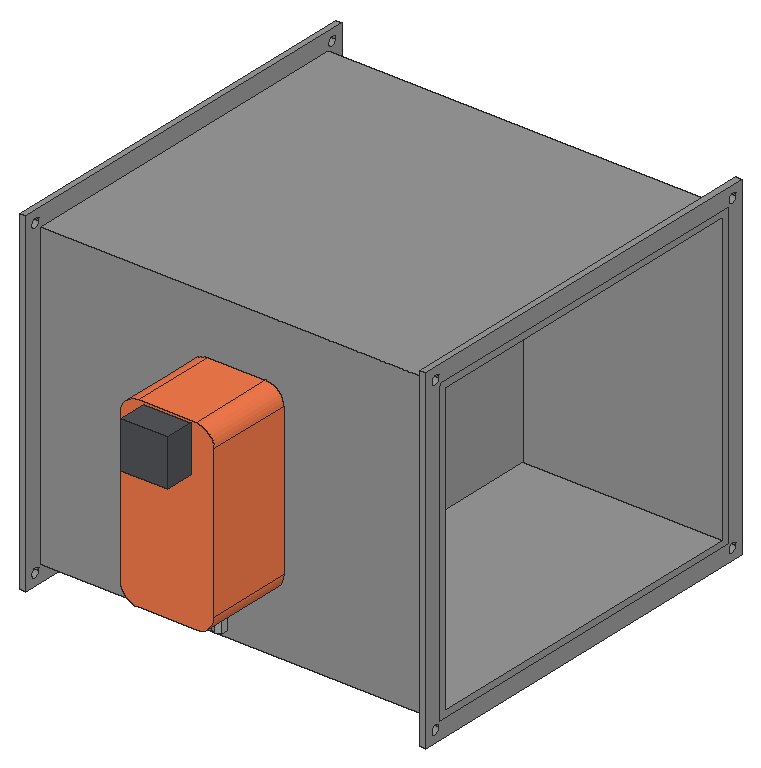
Revit family "КП-1_Eng", category Duct Accessories, Revit 2021
Family settings
  Round Connector Dimension = Use Diameter
  Part Type = Attaches To
  Work Plane-Based = No
  Always vertical = Yes
  Cut with Voids When Loaded = No
  Shared = No
Parameters (values of type "KP-1-300х250-2-PVP230Т-SN")
  Width = B2  # 290 mm
  Weight = 7.90 kg
  Voltage = 230 V
  Pressure_Static_Air [instance] = 0.0 Pa
  Maximum Air Flow [instance] = 0.0 L/s
  Load Classification = "HVAC"
  Length = 350 mm  # constant formula
  Height = A2  # 340 mm
  Frequency = 50 Hz  # constant formula
  Apparent Load = 10 VA
  Air Flow [instance] = 0.0 L/s
  Actuator location (outside) = yes
  Actuator location (inside) = no
  Default Elevation = 0 mm
  Manufacturer = "Vents"  # constant formula
  Two flanges [instance] = yes
  URL = "https://ventilation-system.com/series/kp-1-pkp-kp-1-pvp-kp-1-psp#description#downloads"
  B = 250 mm
  An = A + 10 mm  # 310 mm
  A3 = A / 2  # 150 mm
  A2 = 340 mm
  A1 = 320 mm
  Bn = B + 10 mm  # 260 mm
  B3 = B1 / 2  # 135 mm
  B2 = 290 mm
  Maintenance zone material = none
  Casing Material = Steel, galvanized
  B1 = 270 mm
  A = 300 mm
  09_System_Name [instance] = ""
  00_20_Type = "KP-1-300х250-2-PVP230Т-SN"
  00_20_Name = "Fire-resisting damper"  # constant formula
  00_20_Manufacturer = "Vents"  # constant formula
Types (22, lengths in mm): name | Width | Weight | Height | Apparent Load | URL | B | An | A3 | A2 | A1 | Bn | B3 | B2 | B1 | A | 00_20_Type
  (no name) | 290 | 7.90 kg | 340 | 10 VA | "https://ventilation-system.com/series/kp-1-pkp-kp-1-pvp-kp-1-psp#description#downloads" | 250 | 310 | 150 | 340 | 320 | 260 | 135 | 290 | 270 | 300 | "KP-1-300х250-2-PVP230Т-SN"
  KP-1-200х200-2-PVP230Т-SN | 240 | 6.20 kg | 240 | 6.5 VA | "https://ventilation-system.com/series/kp-1-pkp-kp-1-pvp-kp-1-psp#description#downloads" | 200 | 210 | 100 | 240 | 220 | 210 | 110 | 240 | 220 | 200 | "KP-1-200х200-2-PVP230Т-SN"
  KP-1-1000х1000-2-PVP230Т-SN | 1060 | 41.70 kg | 1060 | 11 VA | "https://ventilation-system.com/series/kp-1-pkp-kp-1-pvp-kp-1-psp#description" | 1000 | 1010 | 500 | 1060 | 1030 | 1010 | 515 | 1060 | 1030 | 1000 | "KP-1-1000х1000-2-PVP230Т-SN"
  KP-1-250х200-2-PVP230Т-SN | 240 | 6.80 kg | 290 | 10 VA | "https://ventilation-system.com/series/kp-1-pkp-kp-1-pvp-kp-1-psp#description#downloads" | 200 | 260 | 125 | 290 | 270 | 210 | 110 | 240 | 220 | 250 | "KP-1-250х200-2-PVP230Т-SN"
  KP-1-250х250-2-PVP230Т-SN | 290 | 7.30 kg | 290 | 10 VA | "https://ventilation-system.com/series/kp-1-pkp-kp-1-pvp-kp-1-psp#description#downloads" | 250 | 260 | 125 | 290 | 270 | 260 | 135 | 290 | 270 | 250 | "KP-1-250х250-2-PVP230Т-SN"
  KP-1-300х200-2-PVP230Т-SN | 240 | 7.30 kg | 340 | 10 VA | "https://ventilation-system.com/series/kp-1-pkp-kp-1-pvp-kp-1-psp#description#downloads" | 200 | 310 | 150 | 340 | 320 | 210 | 110 | 240 | 220 | 300 | "KP-1-300х200-2-PVP230Т-SN"
  KP-1-300х250-2-PVP230Т-SN | 290 | 7.90 kg | 340 | 10 VA | "https://ventilation-system.com/series/kp-1-pkp-kp-1-pvp-kp-1-psp#description#downloads" | 250 | 310 | 150 | 340 | 320 | 260 | 135 | 290 | 270 | 300 | "KP-1-300х250-2-PVP230Т-SN"
  KP-1-300х300-2-PVP230Т-SN | 340 | 8.50 kg | 340 | 10 VA | "https://ventilation-system.com/series/kp-1-pkp-kp-1-pvp-kp-1-psp#description#downloads" | 300 | 310 | 150 | 340 | 320 | 310 | 160 | 340 | 320 | 300 | "KP-1-300х300-2-PVP230Т-SN"
  KP-1-400х250-2-PVP230Т-SN | 290 | 9.10 kg | 440 | 10 VA | "https://ventilation-system.com/series/kp-1-pkp-kp-1-pvp-kp-1-psp#description#downloads" | 250 | 410 | 200 | 440 | 420 | 260 | 135 | 290 | 270 | 400 | "KP-1-400х250-2-PVP230Т-SN"
  KP-1-400х300-2-PVP230Т-SN | 340 | 9.80 kg | 440 | 10 VA | "https://ventilation-system.com/series/kp-1-pkp-kp-1-pvp-kp-1-psp#description#downloads" | 300 | 410 | 200 | 440 | 420 | 310 | 160 | 340 | 320 | 400 | "KP-1-400х300-2-PVP230Т-SN"
  KP-1-400х400-2-PVP230Т-SN | 440 | 11.30 kg | 440 | 10 VA | "https://ventilation-system.com/series/kp-1-pkp-kp-1-pvp-kp-1-psp#description#downloads" | 400 | 410 | 200 | 440 | 420 | 410 | 210 | 440 | 420 | 400 | "KP-1-400х400-2-PVP230Т-SN"
  KP-1-500х300-2-PVP230Т-SN | 340 | 10.70 kg | 540 | 10 VA | "https://ventilation-system.com/series/kp-1-pkp-kp-1-pvp-kp-1-psp#description#downloads" | 300 | 510 | 250 | 540 | 520 | 310 | 160 | 340 | 320 | 500 | "KP-1-500х300-2-PVP230Т-SN"
  KP-1-500х400-2-PVP230Т-SN | 440 | 12.90 kg | 540 | 10 VA | "https://ventilation-system.com/series/kp-1-pkp-kp-1-pvp-kp-1-psp#description#downloads" | 400 | 510 | 250 | 540 | 520 | 410 | 210 | 440 | 420 | 500 | "KP-1-500х400-2-PVP230Т-SN"
  KP-1-500х500-2-PVP230Т-SN | 560 | 16.60 kg | 560 | 10 VA | "https://ventilation-system.com/series/kp-1-pkp-kp-1-pvp-kp-1-psp#description#downloads" | 500 | 510 | 250 | 560 | 530 | 510 | 265 | 560 | 530 | 500 | "KP-1-500х500-2-PVP230Т-SN"
  KP-1-600х400-2-PVP230Т-SN | 440 | 14.50 kg | 640 | 10 VA | "https://ventilation-system.com/series/kp-1-pkp-kp-1-pvp-kp-1-psp#description#downloads" | 400 | 610 | 300 | 640 | 620 | 410 | 210 | 440 | 420 | 600 | "KP-1-600х400-2-PVP230Т-SN"
  KP-1-600х500-2-PVP230Т-SN | 560 | 18.40 kg | 660 | 11 VA | "https://ventilation-system.com/series/kp-1-pkp-kp-1-pvp-kp-1-psp#description" | 500 | 610 | 300 | 660 | 630 | 510 | 265 | 560 | 530 | 600 | "KP-1-600х500-2-PVP230Т-SN"
  KP-1-600х600-2-PVP230Т-SN | 660 | 20.60 kg | 660 | 11 VA | "https://ventilation-system.com/series/kp-1-pkp-kp-1-pvp-kp-1-psp#description#downloads" | 600 | 610 | 300 | 660 | 630 | 610 | 315 | 660 | 630 | 600 | "KP-1-600х600-2-PVP230Т-SN"
  KP-1-800х500-2-PVP230Т-SN | 560 | 22.30 kg | 860 | 11 VA | "https://ventilation-system.com/series/kp-1-pkp-kp-1-pvp-kp-1-psp#description#downloads" | 500 | 810 | 400 | 860 | 830 | 510 | 265 | 560 | 530 | 800 | "KP-1-800х500-2-PVP230Т-SN"
  KP-1-800х600-2-PVP230Т-SN | 660 | 24.80 kg | 860 | 11 VA | "https://ventilation-system.com/series/kp-1-pkp-kp-1-pvp-kp-1-psp#description#downloads" | 600 | 810 | 400 | 860 | 830 | 610 | 315 | 660 | 630 | 800 | "KP-1-800х600-2-PVP230Т-SN"
  KP-1-800х800-2-PVP230Т-SN | 860 | 30.10 kg | 860 | 11 VA | "https://ventilation-system.com/series/kp-1-pkp-kp-1-pvp-kp-1-psp#description#downloads" | 800 | 810 | 400 | 860 | 830 | 810 | 415 | 860 | 830 | 800 | "KP-1-800х800-2-PVP230Т-SN"
  KP-1-1000х600-2-PVP230Т-SN | 660 | 29.00 kg | 1060 | 11 VA | "https://ventilation-system.com/series/kp-1-pkp-kp-1-pvp-kp-1-psp#description" | 600 | 1010 | 500 | 1060 | 1030 | 610 | 315 | 660 | 630 | 1000 | "KP-1-1000х600-2-PVP230Т-SN"
  KP-1-1000х800-2-PVP230Т-SN | 860 | 35.40 kg | 1060 | 11 VA | "https://ventilation-system.com/series/kp-1-pkp-kp-1-pvp-kp-1-psp#description#downloads" | 800 | 1010 | 500 | 1060 | 1030 | 810 | 415 | 860 | 830 | 1000 | "KP-1-1000х800-2-PVP230Т-SN"
Reference planes
  plane 1 "По центру (Вперед/Назад)": y = 0
  plane 2: z = 0
  plane 3 "По центру (Влево/Вправо)": x = 0
  plane 4: z = 135
  plane 5: z = -135
  plane 6: y = 160
  plane 7: y = -160
Forms (mm)
  Extrusion 1, solid, material "Steel, galvanized", visible <- "Two flanges"
    sketch origin (0, 0, 0) x (0, 1, 0) y (0, 0, 1)
      loop
        line (155, -130) -> (155, 130) -> (-155, 130) -> (-155, -130) -> (155, -130)
      loop
        line (170, -145) -> (170, 145) -> (-170, 145) -> (-170, -145) -> (170, -145)
      loop
        circle (160, 135) r 4.25
      loop
        circle (-160, 135) r 4.25
      loop
        circle (-160, -135) r 4.25
      loop
        circle (160, -135) r 4.25
    from 170 to 175
  Extrusion 2, solid, material "Steel, galvanized"
    sketch origin (0, 0, 0) x (0, 1, 0) y (0, 0, 1)
      loop
        line (150, -125) -> (150, 125) -> (-150, 125) -> (-150, -125) -> (150, -125)
      loop
        line (170, -145) -> (170, 145) -> (-170, 145) -> (-170, -145) -> (170, -145)
      loop
        circle (160, -135) r 4.25
      loop
        circle (-160, -135) r 4.25
      loop
        circle (-160, 135) r 4.25
      loop
        circle (160, 135) r 4.25
    from -170 to -175
  Extrusion 3, solid, material "Steel, galvanized"
    sketch origin (0, 0, 0) x (0, 1, 0) y (0, 0, 1)
      loop
        line (150, -125) -> (150, 125) -> (-150, 125) -> (-150, -125) -> (150, -125)
      loop
        line (155, -130) -> (155, 130) -> (-155, 130) -> (-155, -130) -> (155, -130)
    from -170 to 175
  Extrusion 4, solid, material "Steel, galvanized"
    sketch origin (0, 0, 0) x (0, 1, 0) y (0, 0, 1)
      loop
        line (150, -125) -> (150, 125) -> (-150, 125) -> (-150, -125) -> (150, -125)
    from 2.5 to -2.5
Dimensions and locks
  equal spacing: Extrusion 1 sketch curve, level, Extrusion 1 sketch curve  (x2)
  equal spacing: Extrusion 1 sketch curve, plane 1 "По центру (Вперед/Назад)", Extrusion 1 sketch curve  (x2)
  "An": Extrusion 1 sketch curve to Extrusion 1 sketch curve
  "Bn": Extrusion 1 sketch curve to Extrusion 1 sketch curve
  "A2": Extrusion 1 sketch curve to Extrusion 1 sketch curve
  "B2": Extrusion 1 sketch curve to Extrusion 1 sketch curve
  equal spacing: plane 4, level, plane 5
  "B1": plane 4 to plane 5
  equal spacing: plane 6, plane 1 "По центру (Вперед/Назад)", plane 7
  "A1": plane 6 to plane 7
  equal spacing: Extrusion 2 sketch curve, plane 1 "По центру (Вперед/Назад)", Extrusion 2 sketch curve  (x2)
  "A": Extrusion 2 sketch curve to Extrusion 2 sketch curve
  "A2": Extrusion 2 sketch curve to Extrusion 2 sketch curve
  equal spacing: Extrusion 2 sketch curve, level, Extrusion 2 sketch curve  (x2)
  "B": Extrusion 2 sketch curve to Extrusion 2 sketch curve
  "B2": Extrusion 2 sketch curve to Extrusion 2 sketch curve
  equal spacing: Extrusion 3 sketch curve, plane 1 "По центру (Вперед/Назад)", Extrusion 3 sketch curve  (x2)
  "A": Extrusion 3 sketch curve to Extrusion 3 sketch curve
  equal spacing: Extrusion 3 sketch curve, level, Extrusion 3 sketch curve  (x2)
  "B": Extrusion 3 sketch curve to Extrusion 3 sketch curve
  "Bn": Extrusion 3 sketch curve to Extrusion 3 sketch curve
  "An": Extrusion 3 sketch curve to Extrusion 3 sketch curve
  equal spacing: Extrusion 4 sketch curve, plane 1 "По центру (Вперед/Назад)", Extrusion 4 sketch curve
  "A": Extrusion 4 sketch curve to Extrusion 4 sketch curve
  equal spacing: Extrusion 4 sketch curve, level, Extrusion 4 sketch curve
  "B": Extrusion 4 sketch curve to Extrusion 4 sketch curve
  "B3": nested 1 to plane 5
  "B3": plane 4 to nested 2
  "A3": nested 2 to plane 1 "По центру (Вперед/Назад)"
  aligned and locked: level to plane 2
  aligned and locked: Extrusion 3 to Extrusion 2
Automatic sketch dimensions
  Extrusion 1 sketch curve to plane 4 = 0 mm
  Extrusion 1 sketch curve to plane 7 = 0 mm  (x2)
  Extrusion 1 sketch curve to plane 5 = 0 mm
  plane 5 to Extrusion 1 sketch curve = 0 mm
  Extrusion 1 sketch curve to plane 6 = 0 mm  (x2)
  plane 4 to Extrusion 1 sketch curve = 0 mm
  Extrusion 2 sketch curve to plane 5 = 0 mm
  Extrusion 2 sketch curve to plane 7 = 0 mm  (x2)
  Extrusion 2 sketch curve to plane 4 = 0 mm
  plane 4 to Extrusion 2 sketch curve = 0 mm
  Extrusion 2 sketch curve to plane 6 = 0 mm  (x2)
  plane 5 to Extrusion 2 sketch curve = 0 mm
  radius of Extrusion 1 sketch curve = 4.25 mm  (x4)
  radius of Extrusion 2 sketch curve = 4.25 mm  (x4)
Nested families
  nested 1: "ADSK_Electric drive" at (0, -155, 0) x (1, 0, 0) z (0, -1, 0), visible <- "Actuator location (outside)", type "BLF"
  nested 2: "ADSK_Electric drive" at (42.5, -50, 0) x (1, 0, 0) z (0, -1, 0), visible <- "Actuator location (inside)", type "BLF"
Connectors
  hvac at (175, 0, 0), driven by "B", driven by "A"
    settings: on Extrusion 3, index 1, duct flow 0.0 L/s, flow factor 0, pres drop 0.0 Pa, loss coef 0, conn angle 0.00°, conn width 300 mm, conn height 250 mm, conn diameter 609.6 mm, duct sys type 3, conn prof type 1, flow config 0, flow direction 2, loss method 0, conn ref index -1, conn util no, is conn primary yes, conn desc ""
  hvac at (-175, 0, 0), driven by "B", driven by "A"
    settings: on Extrusion 2, index 2, duct flow 0.0 L/s, flow factor 0, pres drop 0.0 Pa, loss coef 0, conn angle 0.00°, conn width 300 mm, conn height 250 mm, conn diameter 609.6 mm, duct sys type 3, conn prof type 1, flow config 0, flow direction 1, loss method 0, conn ref index -1, conn util no, is conn primary no, conn desc ""
Definition of nested family "ADSK_Electric drive"
  Parameters (values of type "BLF")
    Default Elevation = 1219.2 mm
    Материал корпуса = none
    Материал коробки = none
  Reference planes
    plane 1 "По центру (Вперед/Назад)": y = 0
    plane 2: z = 0
    plane 3 "По центру (Влево/Вправо)": x = 0
  Forms (mm)
    Extrusion 1, solid, material <- "Материал корпуса"
      sketch origin (0, -1.292, 0) x (1, 0, 0) y (0, 1, 0)
        loop
          arc (-25, 81.292) -> (-35.607, 76.899) -> (-40, 66.292) r 15
          line (-40, 66.292) -> (-40, -63.708)
          arc (-40, -63.708) -> (-35.607, -74.314) -> (-25, -78.708) r 15
          line (-25, -78.708) -> (25, -78.708)
          arc (25, -78.708) -> (35.607, -74.314) -> (40, -63.708) r 15
          line (40, -63.708) -> (40, 66.292)
          arc (40, 66.292) -> (35.607, 76.899) -> (25, 81.292) r 15
          line (25, 81.292) -> (-25, 81.292)
      from 0 to 75
    Extrusion 2, solid, material <- "Материал коробки"
      sketch origin (0, -1.292, 90) x (1, 0, 0) y (0, 1, 0)
        loop
          line (-20, 79.66) -> (-20, 39.66) -> (20, 39.66) -> (20, 79.66) -> (-20, 79.66)
      from -15 to 10
    Extrusion 3, solid
      sketch origin (-5, -80, -46.965) x (1, 0, 0) y (0, 0, -1)
        loop
          line (-10, -80) -> (-14.33, -82.5) -> (-14.33, -87.5) -> (-10, -90) -> (-5.67, -87.5) -> (-5.67, -82.5) -> (-10, -80)
      from 0 to -20
    Extrusion 4, solid
      sketch origin (5, -80, -46.965) x (-1, 0, 0) y (0, 0, 1)
        loop
          line (-10, 80) -> (-5.67, 82.5) -> (-5.67, 87.5) -> (-10, 90) -> (-14.33, 87.5) -> (-14.33, 82.5) -> (-10, 80)
      from 0 to -20
    Extrusion 5, solid
      sketch origin (0, 0, 0) x (1, 0, 0) y (0, 1, 0)
        loop
          circle (0, 58.367) r 6
      from 0 to -100
  Dimensions and locks
    equal spacing: Extrusion 1, plane 1 "По центру (Вперед/Назад)", Extrusion 1
    Extrusion 1 to Extrusion 1 = 160 mm
    level to Extrusion 2 = 100 mm
    aligned and locked: level to plane 2
    aligned and locked: Extrusion 2 to Extrusion 1
  Automatic sketch dimensions
    Extrusion 1 sketch curve to plane 3 "По центру (Влево/Вправо)" = 40 mm
    Extrusion 1 sketch curve to Extrusion 1 sketch curve = 15 mm  (x3)
    plane 3 "По центру (Влево/Вправо)" to Extrusion 1 sketch curve = 25 mm  (x2)
    plane 1 "По центру (Вперед/Назад)" to Extrusion 1 sketch curve = 80 mm
    Extrusion 1 sketch curve to plane 1 "По центру (Вперед/Назад)" = 65 mm
    Extrusion 2 sketch curve to plane 3 "По центру (Влево/Вправо)" = 20 mm
    plane 3 "По центру (Влево/Вправо)" to Extrusion 2 sketch curve = 20 mm
    Extrusion 2 sketch curve to plane 1 "По центру (Вперед/Назад)" = 38.367 mm
    Extrusion 2 sketch curve to Extrusion 2 sketch curve = 40 mm
    Extrusion 3 sketch curve to plane 3 "По центру (Влево/Вправо)" = 19.33 mm
    Extrusion 3 sketch curve to Extrusion 3 sketch curve = 4.33 mm  (x3)
    level to Extrusion 3 sketch curve = 43.035 mm
    Extrusion 3 sketch curve to Extrusion 3 sketch curve = 2.5 mm  (x3)
    Extrusion 3 sketch curve to Extrusion 3 sketch curve = 5 mm  (x2)
    plane 3 "По центру (Влево/Вправо)" to Extrusion 4 sketch curve = 19.33 mm
    Extrusion 4 sketch curve to Extrusion 4 sketch curve = 4.33 mm  (x3)
    level to Extrusion 4 sketch curve = 33.035 mm
    Extrusion 4 sketch curve to Extrusion 4 sketch curve = 2.5 mm  (x3)
    Extrusion 4 sketch curve to Extrusion 4 sketch curve = 5 mm  (x2)
    Extrusion 5 sketch curve to plane 3 "По центру (Влево/Вправо)" = 0 mm
    Extrusion 5 sketch curve to plane 1 "По центру (Вперед/Назад)" = 58.367 mm
    radius of Extrusion 5 sketch curve = 6 mm
